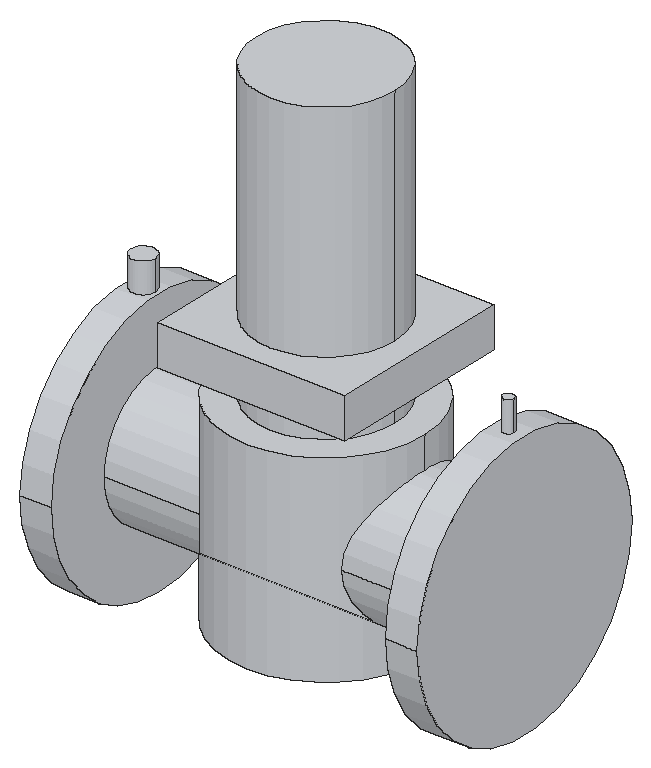
Revit family "PV_Compact_PN25_DN125_(20-100kPa)_RFA_2019", category Pipe Accessories, Revit 2019
Family settings
  Round Connector Dimension = Use Diameter
  Part Type = Valve - Breaks Into
  Work Plane-Based = No
  Always vertical = Yes
  Cut with Voids When Loaded = No
  Shared = No
Parameters (values of type "PV Compact PN25 DN125 (20-100kPa)")
  magiProductId = "79fb1938054147a099bb761cc75d0a"
  magiProductFamilyId = "7c5767a2a396495b8f1e69654734b4"
  magiPartTypeId = 304
  isMeasuringValve [instance] = no
  ang2D [instance] = 0.00°
  W2D = 50 mm
  VersionID = "2.0/2018.12.13.2/FRESE_PV_COMPACT_BIG_Q13_001"
  Use Minimum Symbol Size [instance] = no
  URL = "www.hydronic.cz"
  Type Comments = "PŘÍRUBOVÝ; PN25; dpmax=1000kPa; -10~+120°C"
  R4 = 70 mm
  R3 = 70.2 mm
  R1 = 100 mm
  QmdConnectorList = "301;D;302;D"
  Productdata [instance] = ""
  Manufacturer = "Hydronic Systems Prague s.r.o."
  Maintenance Zone Under Depth [instance] = 100 mm
  Maintenance Zone Right Depth [instance] = 100 mm
  Maintenance Zone Over Depth [instance] = 100 mm
  Maintenance Zone Left Depth [instance] = 100 mm
  Maintenance Zone Front Depth [instance] = 100 mm
  Maintenance Zone Back Depth [instance] = 100 mm
  Maintenance Zone Front Visibility [instance] = no
  MC Use Limits From Balancing Method = no
  MC Throttling Minimum Value = 0
  MC Throttling Maximum Value = 0
  MC Product Code = "53-3332 DN125 PN25; nastavitelný rozsah dp=20~100kPa; Q=19,0~76,0 m3/h;  kvs=170"
  MC Pressure Drop Minimum Value = 0.0 Pa
  MC Pressure Drop Maximum Value = 0.0 Pa
  MC Piping Given Pressure Drop [instance] = 0.0 Pa
  LF__ve = -LF  # -32 mm
  LF2 = 16 mm
  LF = 32 mm
  L4 = 188 mm
  L3 = 336 mm
  L2D_Min = 30.48 mm
  L2D = 230 mm
  L2 = 200 mm
  H6 = 225.5 mm
  H4 = 40.5 mm
  H3 = 33.75 mm
  H2 = 101.25 mm
  H1 = 202.5 mm
  Description = "Nastavitelný regulátor tlakové diference"
  DF2 = 135 mm
  D = 125 mm
  Clearance Zone Height Depth [instance] = 100 mm
  Clearance Zone Circular Radius [instance] = 200 mm
  Clearance Zone Visibility [instance] = no
  CAT0 = yes
Types (7, lengths in mm): name | magiProductId | Type Comments | R4 | R3 | R1 | MC Product Code | LF__ve | LF2 | LF | L4 | L3 | L2 | H6 | H4 | H3 | H2 | H1 | DF2 | D | Clearance Zone Circular Radius
  PV Compact PN25 DN050 (20-100kPa) | "c83fbc6219d94d148ccf13b963e54b" | "PŘÍRUBOVÝ; PN25; dpmax=1000kPa; -10~+120°C" | 40.25 | 42.9 | 57.5 | "53-3320 DN050 PN25; nastavitelný rozsah dp=20~100kPa; Q=3,2~13,0 m3/h;  kvs=29" | -18.4 | 9.2 | 18.4 | 108.1 | 193.2 | 115 | 82.25 | 24.75 | 20.625 | 61.875 | 123.75 | 82.5 | 50 | 115
  PV Compact PN25 DN065 (20-100kPa) | "130d70b5f9404660882d0b277b908a" | "PŘÍRUBOVÝ; PN25; dpmax=1000kPa; -10~+120°C" | 50.75 | 48.1 | 72.5 | "53-3323 DN065 PN25; nastavitelný rozsah dp=20~100kPa; Q=4,7~18,8 m3/h;  kvs=42" | -23.2 | 11.6 | 23.2 | 136.3 | 243.6 | 145 | 105.25 | 27.75 | 23.125 | 69.375 | 138.75 | 92.5 | 65 | 145
  PV Compact PN25 DN080 (20-100kPa) | "a1826ed98cb744f2bf0249353d27a7" | "PŘÍRUBOVÝ; PN25; dpmax=1000kPa; -10~+120°C" | 54.25 | 52 | 77.5 | "53-3326 DN080 PN25; nastavitelný rozsah dp=20~100kPa; Q=7,5~30,0 m3/h;  kvs=67" | -24.8 | 12.4 | 24.8 | 145.7 | 260.4 | 155 | 141 | 30 | 25 | 75 | 150 | 100 | 80 | 155
  PV Compact PN25 DN100 (20-100kPa) | "7cf36ffc9d0642d6874cd3d421d477" | "PŘÍRUBOVÝ; PN25; dpmax=1000kPa; -10~+120°C" | 61.25 | 61.1 | 87.5 | "53-3329 DN100 PN25; nastavitelný rozsah dp=20~100kPa; Q=12,9~51,4 m3/h;  kvs=115" | -28 | 14 | 28 | 164.5 | 294 | 175 | 234.75 | 35.25 | 29.375 | 88.125 | 176.25 | 117.5 | 100 | 175
  PV Compact PN25 DN125 (20-100kPa) | "79fb1938054147a099bb761cc75d0a" | "PŘÍRUBOVÝ; PN25; dpmax=1000kPa; -10~+120°C" | 70 | 70.2 | 100 | "53-3332 DN125 PN25; nastavitelný rozsah dp=20~100kPa; Q=19,0~76,0 m3/h;  kvs=170" | -32 | 16 | 32 | 188 | 336 | 200 | 225.5 | 40.5 | 33.75 | 101.25 | 202.5 | 135 | 125 | 200
  PV Compact PN25 DN150 (20-100kPa) | "9089b5560db447c5b770287446c8b2" | "PŘÍRUBOVÝ; PN25; dpmax=1000kPa; -10~+110°C" | 84 | 74.1 | 120 | "53-3335 DN150 PN25; nastavitelný rozsah dp=20~100kPa; Q=28,0~112 m3/h;  kvs=250" | -38.4 | 19.2 | 38.4 | 225.6 | 403.2 | 240 | 256.25 | 42.75 | 35.625 | 106.875 | 213.75 | 142.5 | 150 | 240
  PV Compact PN25 DN200 (20-100kPa) | "21d4a96559b243fabb2a9fe74f4fa1" | "PŘÍRUBOVÝ; PN25; dpmax=1000kPa; -10~+110°C" | 105 | 98.8 | 150 | "53-3338 DN200 PN25; nastavitelný rozsah dp=20~100kPa; Q=30,7~123 m3/h;  kvs=275" | -48 | 24 | 48 | 282 | 504 | 300 | 150 | 57 | 47.5 | 142.5 | 285 | 190 | 200 | 300
Reference planes
  plane 1 "Center (Front/Back)": y = 0
  plane 2 "XYPLANE": z = 0
  plane 3 "Center (Left/Right)": x = 0
  plane 4 "257": y = -135
  plane 5 "256": y = 135
  plane 6 "255": z = -135
  plane 7 "254": y = -235
  plane 8 "253": y = 235
  plane 9 "252": x = -300
  plane 10 "251": x = 300
  plane 11 "250": z = 501
  plane 12 "249": z = -235
  plane 13 "248": z = 501
  plane 14 "247": z = 401
  plane 15 "157": x = 184
  plane 16 "156": x = -184
  plane 17 "155": z = 135
  plane 18 "154": z = 175.5
  plane 19 "153": z = 135
  plane 20 "152": z = 101.25
  plane 21 "151": x = -168
  plane 22 "150": z = -101.25
  plane 23 "149": x = 0
  plane 24 "148": y = 0
  plane 25 "147": z = 0
  plane 26 "146": x = -200
  plane 27 "145": x = 200
Forms (mm)
  Blend 1, solid, visible <- "Maintenance Zone Front Visibility"
    base sketch origin (-750, 0, -235) x (1, 0, 0) y (0, 1, 0)
      loop
        line (450, 235) -> (450, -235) -> (1050, -235) -> (1050, 235) -> (450, 235)
    top sketch origin (-750, 0, -235) x (1, 0, 0) y (0, 1, 0)
      loop
        line (450, 235) -> (450, -235) -> (1050, -235) -> (1050, 235) -> (450, 235)
    from 0 to 736
  Blend 2, solid, visible <- "Clearance Zone Visibility"
    base sketch origin (-750, 0, 0) x (1, 0, 0) y (0, 1, 0)
      loop
        circle (750, 0) r 200
    top sketch origin (-750, 0, 0) x (1, 0, 0) y (0, 1, 0)
      loop
        circle (750, 0) r 200
    from 0 to 501
  Extrusion 3, solid, visible <- "CAT0"
    sketch origin (-750, 0, 135) x (1, 0, 0) y (0, 1, 0)
      loop
        circle (934, 0) r 5.5
    from 0 to 30
  Extrusion 4, solid, visible <- "CAT0"
    sketch origin (-750, 0, 135) x (1, 0, 0) y (0, 1, 0)
      loop
        circle (566, 0) r 12.3
    from 0 to 30
  Extrusion 5, solid
    sketch origin (-750, 0, 175.5) x (1, 0, 0) y (0, 1, 0)
      loop
        circle (750, 0) r 70
    from 0 to 225.5 <- "H6"
  Extrusion 6, solid, visible <- "CAT0"
    sketch origin (-750, 0, 135) x (1, 0, 0) y (0, 1, 0)
      loop
        line (844, 94) -> (656, 94) -> (656, -94) -> (844, -94) -> (844, 94)
    from 0 to 40.5 <- "H4"
  Extrusion 7, solid, visible <- "CAT0"
    sketch origin (-750, 0, 101.25) x (1, 0, 0) y (0, 1, 0)
      loop
        circle (750, 0) r 70
    from 0 to 33.75 <- "H3"
  Extrusion 8, solid, visible <- "CAT0"
    sketch origin (-168, -750, 0) x (0, 1, 0) y (0, 0, 1)
      loop
        circle (750, 0) r 70.2
    from 0 to 336 <- "L3"
  Extrusion 9, solid, visible <- "CAT0"
    sketch origin (-750, 0, -101.25) x (1, 0, 0) y (0, 1, 0)
      loop
        circle (750, 0) r 100
    from 0 to 202.5 <- "H1"
  Extrusion 10, solid, visible <- "CAT0"
    sketch origin (-200, -750, 0) x (0, 1, 0) y (0, 0, 1)
      loop
        circle (750, 0) r 135
    from 0 to 32 <- "LF"
  Extrusion 11, solid, visible <- "CAT0"
    sketch origin (200, -750, 0) x (0, 1, 0) y (0, 0, 1)
      loop
        circle (750, 0) r 135
    from 0 to -32 <- "LF__ve"
  Extrusion 12, solid, not visible
    sketch origin (-200, -750, 0) x (0, 1, 0) y (0, 0, 1)
      loop
        circle (750, 0) r 10
    from 0 to 10
  Extrusion 13, solid, not visible
    sketch origin (200, -750, 0) x (0, 1, 0) y (0, 0, 1)
      loop
        circle (750, 0) r 10
    from 0 to -10
Lines and regions (mm)
  reference lines, not visible
    curve 1: circle (2, 2, 0) r 1 normal (0, 0, 1)
  reference lines
    curve 2: circle (0, 0, 135) r 1 normal (0, 0, 1)
Dimensions and locks
  plane 1 "Center (Front/Back)" to curve 1 = 2 mm
  "DF2": plane 24 "148" to plane 4 "257"
  "DF2": plane 24 "148" to plane 5 "256"
  "DF2": plane 25 "147" to plane 6 "255"
  "Maintenance Zone Front Depth": plane 4 "257" to plane 7 "254"
  "Maintenance Zone Back Depth": plane 5 "256" to plane 8 "253"
  "Maintenance Zone Left Depth": plane 26 "146" to plane 9 "252"
  "Maintenance Zone Right Depth": plane 27 "145" to plane 10 "251"
  "Maintenance Zone Over Depth": plane 14 "247" to plane 11 "250"
  "Maintenance Zone Under Depth": plane 6 "255" to plane 12 "249"
  "Clearance Zone Height Depth": plane 14 "247" to plane 13 "248"
  "H6": plane 18 "154" to plane 14 "247"
  "LF2": plane 27 "145" to plane 15 "157"
  "LF2": plane 26 "146" to plane 16 "156"
  "DF2": plane 2 "XYPLANE" to plane 17 "155"
  "H4": plane 19 "153" to plane 18 "154"
  "H3": plane 20 "152" to plane 19 "153"
  "H1": plane 22 "150" to plane 20 "152"
  "LF": plane 26 "146" to plane 21 "151"
  "H2": plane 2 "XYPLANE" to plane 22 "150"
  locked: plane 3 "Center (Left/Right)" to plane 23 "149"
  locked: plane 1 "Center (Front/Back)" to plane 24 "148"
  locked: plane 2 "XYPLANE" to plane 25 "147"
  "L2": plane 3 "Center (Left/Right)" to plane 26 "146"
  "L2": plane 3 "Center (Left/Right)" to plane 27 "145"
  Blend 1 sketch curve to Blend 1 sketch curve = 0 mm  (x16)
  equal spacing: Extrusion 6 sketch curve, curve 2, Extrusion 6 sketch curve  (x2)
  "L4": Extrusion 6 sketch curve to Extrusion 6 sketch curve  (x2)
  Extrusion 6 sketch curve to Extrusion 6 sketch curve = 0 mm  (x8)
  "Clearance Zone Circular Radius": radius of Blend 2 sketch curve  (x2)
  "R4": radius of Extrusion 5 sketch curve
  "R4": radius of Extrusion 7 sketch curve
  "R3": radius of Extrusion 8 sketch curve
  "R1": radius of Extrusion 9 sketch curve
  "DF2": radius of Extrusion 10 sketch curve
  "DF2": radius of Extrusion 11 sketch curve
  aligned and locked: level to plane 2 "XYPLANE"
  aligned and locked: Blend 1 sketch curve to plane 8 "253"  (x2)
  aligned and locked: plane 9 "252" to Blend 1 sketch curve  (x4)
  aligned and locked: plane 10 "251" to Blend 1 sketch curve  (x4)
  aligned and locked: plane 8 "253" to Blend 1 sketch curve  (x2)
  aligned and locked: plane 7 "254" to Blend 1 sketch curve  (x4)
  aligned and locked: plane 11 "250" to Blend 1
  aligned and locked: plane 23 "149" to Blend 2 sketch curve  (x2)
  aligned and locked: plane 24 "148" to Blend 2 sketch curve  (x2)
  aligned and locked: plane 13 "248" to Blend 2
  aligned and locked: plane 15 "157" to Extrusion 3 sketch curve
  aligned and locked: plane 24 "148" to Extrusion 3 sketch curve
  aligned and locked: plane 16 "156" to Extrusion 4 sketch curve
  aligned and locked: plane 24 "148" to Extrusion 4 sketch curve
  aligned and locked: plane 23 "149" to Extrusion 5 sketch curve
  aligned and locked: plane 24 "148" to Extrusion 5 sketch curve
  aligned and locked: plane 23 "149" to curve 2
  aligned and locked: plane 24 "148" to curve 2
  aligned and locked: plane 23 "149" to Extrusion 7 sketch curve
  aligned and locked: plane 24 "148" to Extrusion 7 sketch curve
  aligned and locked: Extrusion 8 sketch curve to plane 24 "148"
  aligned and locked: plane 25 "147" to Extrusion 8 sketch curve
  aligned and locked: plane 23 "149" to Extrusion 9 sketch curve
  aligned and locked: plane 24 "148" to Extrusion 9 sketch curve
  aligned and locked: Extrusion 10 sketch curve to plane 24 "148"
  aligned and locked: plane 25 "147" to Extrusion 10 sketch curve
  aligned and locked: Extrusion 11 sketch curve to plane 24 "148"
  aligned and locked: plane 25 "147" to Extrusion 11 sketch curve
  aligned and locked: Extrusion 12 sketch curve to plane 24 "148"
  aligned and locked: plane 25 "147" to Extrusion 12 sketch curve
  aligned and locked: Extrusion 13 sketch curve to plane 24 "148"
  aligned and locked: plane 25 "147" to Extrusion 13 sketch curve
Automatic sketch dimensions
  Extrusion 3 sketch curve to plane 15 "157" = 5.5 mm
  plane 26 "146" to Extrusion 4 sketch curve = 3.7 mm
  plane 1 "Center (Front/Back)" to Extrusion 12 sketch curve = 10 mm
  plane 1 "Center (Front/Back)" to Extrusion 13 sketch curve = 10 mm
  plane 3 "Center (Left/Right)" to curve 1 = 2 mm
  plane 21 "151" to Extrusion 6 sketch curve = 74 mm
  plane 4 "257" to Extrusion 6 sketch curve = 41 mm
  radius of curve 2 = 1 mm
  radius of curve 1 = 1 mm
Connectors
  piping at (-200, 0, 0), diameter 125, driven by "D"
    settings: on Extrusion 12, index 1, connector inside diameter 609.6 mm, connector length 0 mm, flow factor 0, pipe flow 0.0 L/s, pressure drop 0.0 Pa, fitting loss kfactor 0, connector angle 0.00°, fixture units 0, engagement length 0 mm, angle of deflection 0.00°, flow configuration 0, flow direction 0, fitting loss method 0, system type 29, joint type 0, gender type 0, connector reference index 2, connector utility 0, adjustable connector no, is connector primary yes, connector description ""
  piping at (200, 0, 0), diameter 125, driven by "D"
    settings: on Extrusion 13, index 2, connector inside diameter 609.6 mm, connector length 0 mm, flow factor 0, pipe flow 0.0 L/s, pressure drop 0.0 Pa, fitting loss kfactor 0, connector angle 0.00°, fixture units 0, engagement length 0 mm, angle of deflection 0.00°, flow configuration 0, flow direction 0, fitting loss method 0, system type 29, joint type 0, gender type 0, connector reference index 1, connector utility 0, adjustable connector no, is connector primary no, connector description ""
